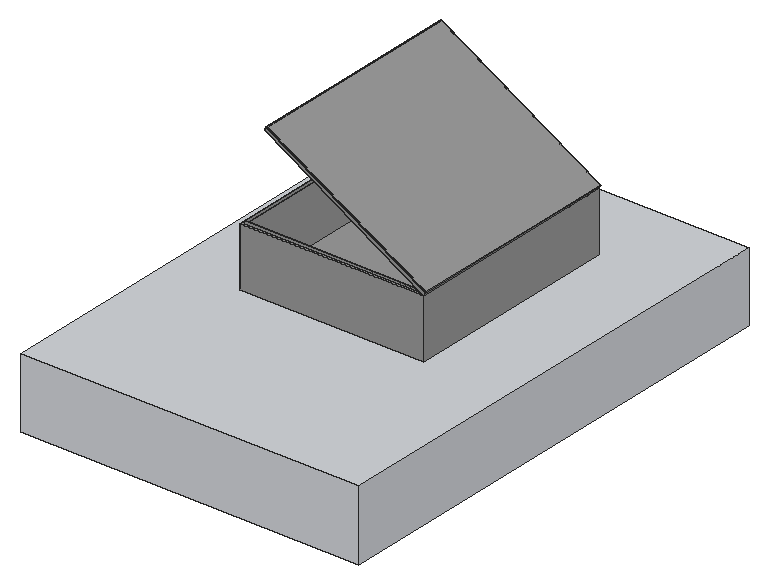
Revit family "Hager-Univers-IP55-D275-H950-Cl.II-Steel_encl-BE-fr", category Equipement électrique, Revit 2020
Family settings
  Hôte = Face
  Configuration du panneau = Deux colonnes, circuits au sein
  Cote de connecteur circulaire = Utiliser le diamètre
  Type d'élément = Tableau de raccordement
  Couper avec des vides une fois chargée = Non
  Partagée = Non
  Point de calcul de pièce = Non
Parameters (values of type "saillie IP55 L800 H950 P275  - FR63S")
  Width Control [instance] = if([EF000008 - largeur] > Min Width, [EF000008 - largeur], Min Width)  # 800 mm
  Commentaires du type = [HG000003 - Gamme]  # "Univers"
  Thickness Door [instance] = if([EF009171 - épaisseur de matériau de la porte/du couvercle] > 3 mm, 3 mm, [EF009171 - épaisseur de matériau de la porte/du couvercle])  # 1.5 mm
  Seal Frame Offset [instance] = 17 mm  # constant formula
  Plinth Visibility [instance] = [HG000027 - Hauteur du socle] > 0 mm  # no
  Model = ""
  Min Width [instance] = 100 mm  # constant formula
  Min Height [instance] = 100 mm  # constant formula
  Min Depth [instance] = (2 * [EF009170 - épaisseur de matériau du boîtier]) + 1 mm  # 4 mm
  Internal Frame Depth [instance] = (Door System Depth * 0.5)  # 9 mm
  Height Control [instance] = if([EF000040 - hauteur] > Min Height, [EF000040 - hauteur], Min Height)  # 950 mm
  HG000027 - Hauteur du socle = 0 mm
  HG000026 - Installation au sol = no
  HG000024 - Hauteur de la section basse = 800 mm
  HG000023 - Armoire double section = no
  HG000016 - Visibilité de la porte 3D [instance] = yes
  HG000015 - Visibilité de l'emprise de la porte [instance] = no
  HG000014 - Porte à droite [instance] = yes
  HG000013 - Porte à gauche [instance] = not([HG000014 - Porte à droite])  # no
  HG000012 - Angle de pivotement de la porte [instance] = 30.00°
  HG000010 - Portes asymétriques = no
  HG000009 - Porte à double battant = no
  HG000006 - Encastré = no
  HG000004 - Référence fabricant = "FR63S"
  HG000003 - Gamme = "Univers"
  HG000002 - avec porte = yes
  Frame Offset Bottom [instance] = 10 mm  # constant formula
  Frame Offset [instance] = 15 mm  # constant formula
  EF015940 - couvercle avec décharge de pression = no
  EF011959 - degré de protection (NEMA) = ""
  EF009554 - nombre d'ouvertures pour plaques à bride = 6
  Fabricant = "Hager"  # constant formula
  EF009212 - finition du couvercle = "EV000116 - fermé"
  EF009171 - épaisseur de matériau de la porte/du couvercle = 1.5 mm
  EF009170 - épaisseur de matériau du boîtier = 1.5 mm
  EF008873 - courant nominal (In) = 800 A
  EF007800 - adapté à un parafoudre = no
  EF006306 - avec serrure = no
  EF006244 - couvercle/porte transparent(e) = no
  EF005474 - indice de protection (IP) = "EV006420 - IP55"
  EF004464 - type de porte = "EV002646 - unique"
  EF004427 - nombre de modules = 216
  EF004293 - indice de protection contre les chocs (IK) = "EV008784 - IK10"
  EF003532 - convient pour utilisation à l’extérieur = no
  EF002950 - largeur en nombre de modules = 24
  EF001613 - maintien de fonction = "EV000494 - sans"
  EF001596 - matériau du boîtier/corps = "EV000179 - acier"
  EF001131 - profondeur intérieure = 275 mm
  EF001088 - possibilité de montage en saillie = yes
  EF000437 - nombre d'entrées de conduit = 6
  EF000339 - type de capot = "EV004216 - porte"
  EF000266 - nombre de rangées = 6
  EF000218 - profondeur d'encastrement = 0 mm
  EF000118 - avec cadre/support de montage = no
  EF000116 - numéro RAL = "7035"
  EF000049 - profondeur = 275 mm
  EF000040 - hauteur = 950 mm
  EF000008 - largeur = 800 mm
  EF000007 - couleur = "EV000270 - gris"
  EF000003 - mode de pose = "EV000384 - saillie"
  Door System Leaf Tolerance [instance] = 1.5 mm  # constant formula
  Door System Depth [instance] = 18 mm  # constant formula
  Door Height [instance] = Height Control - [HG000027 - Hauteur du socle]  # 950 mm
  Depth Control [instance] = if([EF000049 - profondeur] > Min Depth, [EF000049 - profondeur], Min Depth)  # 275 mm
  Default Elevation = 0 mm
  Connector Offset [instance] = Height Control / 2  # 475 mm
  Bottom Top Plate Trim [instance] = 1.5 mm  # constant formula
  Plinth height Ctrl [instance] = if([HG000027 - Hauteur du socle] > 0 mm, [HG000027 - Hauteur du socle], 12 mm)  # 12 mm
Types (5, lengths in mm): name | Width Control | HG000010 - Portes asymétriques | HG000009 - Porte à double battant | HG000004 - Référence fabricant | EF009554 - nombre d'ouvertures pour plaques à bride | EF004464 - type de porte | EF004427 - nombre de modules | EF000437 - nombre d'entrées de conduit | EF000008 - largeur
  saillie IP55 L1050 H950 P275  - FR64S | 1050 | no | yes | "FR64S" | 8 | "EV003602 - double" | 288 | 8 | 1050
  saillie IP55 L1300 H950 P275  - FR65S | 1300 | yes | yes | "FR65S" | 10 | "EV003602 - double" | 360 | 10 | 1300
  saillie IP55 L300 H950 P275  - FR61S | 300 | no | no | "FR61S" | 2 | "EV002646 - unique" | 72 | 2 | 300
  saillie IP55 L550 H950 P275  - FR62S | 550 | no | no | "FR62S" | 4 | "EV002646 - unique" | 144 | 4 | 550
  saillie IP55 L800 H950 P275  - FR63S | 800 | no | no | "FR63S" | 6 | "EV002646 - unique" | 216 | 6 | 800
Reference planes
  plane 1 "Center (Front/Back)": y = 0
  plane 2: z = 0
  plane 3 "Center (Left/Right)": x = 0
  plane 4: z = 275
  plane 5: y = 1.5
  plane 6: y = 475
  plane 7: y = 0
  plane 8: y = 950
  plane 9: z = 0
  plane 10: x = -385
  plane 11: x = 385
  plane 12: x = 383.5
  plane 13: x = -383.5
  plane 14: y = 948.5
  plane 15: x = -383
  plane 16: x = -400
  plane 17: x = 383
  plane 18: x = 400
  plane 19: x = 398.5
  plane 20: x = -398.5
  plane 21: y = 11.5
  plane 22: y = 950
  plane 23: y = 933.5
  plane 24: z = 257
  plane 25: z = 1.5
  plane 26: z = 255.5
  plane 27: z = 273.5
Forms (mm)
  Extrusion 1, solid
    sketch origin (0, 0, 0) x (1, 0, 0) y (0, 1, 0)
      loop
        line (-702.964, 1305) -> (-702.964, -811.445) -> (766.763, -811.445) -> (766.763, 1305) -> (-702.964, 1305)
    from 0 to -304.8
  Extrusion 2, solid, material "Hager_Steel_RAL7035_Light_Grey", visible <- "Plinth Visibility", detail levels medium+fine
    sketch origin (0, 0, 0) x (1, 0, 0) y (0, 1, 0)
      loop
        line (-400, 0) -> (400, 0) -> (400, 12) -> (-400, 12) -> (-400, 0)
    from 0 to 257
  Extrusion 3, solid, material "Hager_Steel_RAL7035_Light_Grey", detail levels medium+fine
    sketch origin (0, 0, 0) x (1, 0, 0) y (0, 1, 0)
      loop
        line (-400, 0) -> (400, 0) -> (400, 950) -> (-400, 950) -> (-400, 0)
    from 0 to 257
  Extrusion 4, void
    sketch origin (0, 0, 0) x (1, 0, 0) y (0, 1, 0)
      loop
        line (-398.5, 1.5) -> (398.5, 1.5) -> (398.5, 948.5) -> (-398.5, 948.5) -> (-398.5, 1.5)
    from 1.5 to 255.5
  Extrusion 5, void
    sketch origin (-381.607, -4572, 257) x (0, -1, 0) y (-1, 0, 0)
      loop
        line (-4583.5, 1.893) -> (-5505.5, 1.893) -> (-5505.5, -765.107) -> (-4583.5, -765.107) -> (-4583.5, 1.893)
    from 0 to 1.5 <- "EF009170 - épaisseur de matériau du boîtier"
  Extrusion 6, solid, material "Hager_Steel_RAL7035_Light_Grey", detail levels fine
    sketch origin (0, 0, 257) x (1, 0, 0) y (0, 1, 0)
      loop
        line (-383.5, 933.5) -> (-383.5, 11.5) -> (383.5, 11.5) -> (383.5, 933.5) -> (-383.5, 933.5)
      loop
        line (-385, 10) -> (385, 10) -> (385, 935) -> (-385, 935) -> (-385, 10)
    from 0 to 9 <- "Internal Frame Depth"
  Extrusion 7, solid, material "Hager_Steel_RAL7035_Light_Grey", detail levels coarse
    sketch origin (0, 0, 0) x (1, 0, 0) y (0, 1, 0)
      loop
        line (-400, 0) -> (400, 0) -> (400, 950) -> (-400, 950) -> (-400, 0)
    from 0 to 275
  Sweep 8, void
    path in 3D
      loop
        line (-400, 12, 0) -> (400, 12, 0) -> (400, 12, 257) -> (-400, 12, 257) -> (-400, 12, 0)
    profile origin (-400, 12, 128.5) x (-1, 0, 0) y (0, -1, 0)
      loop
        line (0, 0) -> (0, 1.5) -> (-1.5, 1.5)
        arc (-1.5, 1.5) -> (-1.061, 0.439) -> (0, 0) r 1.5
Cuts and joins
  Extrusion 4, Extrusion 5 cuts Extrusion 3
  Sweep 8 cuts Extrusion 2
Lines and regions (mm)
  Masking region 1
    outline origin (0, 0, 0) x (1, 0, 0) y (0, 0, 1)
      loop
        line (-400, 275) -> (-400, 0) -> (400, 0) -> (400, 275) -> (-400, 275)
  Masking region 2, detail levels medium+fine
    outline origin (0, 140, 0) x (0, 1, 0) y (0, 0, 1)
      loop
        line (-140, 0) -> (810, 0) -> (810, 257) -> (-140, 257) -> (-140, 0)
  Masking region 3, not visible, detail levels medium+fine
    outline origin (0, 297.922, 0) x (0, 1, 0) y (0, 0, 1)
      loop
        line (188.578, 0) -> (228.578, 0) -> (228.578, 263.5)
        arc (228.578, 263.5) -> (225.649, 270.571) -> (218.578, 273.5) r 10
        line (218.578, 273.5) -> (188.578, 273.5) -> (188.578, 0)
  Masking region 4, detail levels coarse
    outline origin (0, 0, 180) x (0, 1, 0) y (0, 0, 1)
      loop
        line (0, -180) -> (950, -180) -> (950, 95) -> (0, 95) -> (0, -180)
  Masking region 5, visible <- "Plinth Visibility", detail levels medium+fine
    outline origin (0, 52.24, 12.345) x (0, 0, -1) y (0, 1, 0)
      loop
        line (10.845, -40.24) -> (-243.155, -40.24)
        arc (-243.155, -40.24) -> (-243.594, -41.301) -> (-244.655, -41.74) r 1.5
        line (-244.655, -41.74) -> (-244.655, -52.24) -> (12.345, -52.24) -> (12.345, -41.74)
        arc (12.345, -41.74) -> (11.285, -41.301) -> (10.845, -40.24) r 1.5
  Masking region 6, detail levels medium+fine
    outline origin (-381.607, -4572, 257) x (-1, 0, 0) y (0, -1, 0)
      loop
        line (18.393, -5522) -> (18.393, -4572) -> (-781.607, -4572) -> (-781.607, -5522) -> (18.393, -5522)
  Masking region 7, visible <- "Plinth Visibility", detail levels medium+fine
    outline origin (-381.607, -4727, 257) x (-1, 0, 0) y (0, -1, 0)
      loop
        arc (16.893, -4739) -> (17.332, -4737.939) -> (18.393, -4737.5) r 1.5
        line (18.393, -4737.5) -> (18.393, -4727) -> (-781.607, -4727) -> (-781.607, -4737.5)
        arc (-781.607, -4737.5) -> (-780.546, -4737.939) -> (-780.107, -4739) r 1.5
        line (-780.107, -4739) -> (16.893, -4739)
  Masking region 8, detail levels coarse
    outline origin (-442.548, -4669.526, 257) x (-1, 0, 0) y (0, -1, 0)
      loop
        line (-42.548, -5619.526) -> (-42.548, -4669.526) -> (-842.548, -4669.526) -> (-842.548, -5619.526) -> (-42.548, -5619.526)
  sketch lines
    curve 1: line (-400, 12, 257) -> (-400, 12, 0)
    curve 2: line (400, 12, 257) -> (-400, 12, 257)
    curve 3: line (400, 12, 257) -> (400, 12, 0)
    curve 4: line (-400, 12, 0) -> (400, 12, 0)
Dimensions and locks
  "Depth Control": plane 4 to Extrusion 1
  "HG000027 - Hauteur du socle": plane 1 "Center (Front/Back)" to plane 7
  "EF009170 - épaisseur de matériau du boîtier": plane 5 to plane 7
  locked: connector elem to plane 3 "Center (Left/Right)"
  equal spacing: plane 8, plane 6, plane 7
  locked: connector elem to plane 6
  "EF009170 - épaisseur de matériau du boîtier": plane 8 to plane 14
  "EF009170 - épaisseur de matériau du boîtier": plane 10 to plane 13
  "EF009170 - épaisseur de matériau du boîtier": plane 12 to plane 11
  "Frame Offset": plane 20 to plane 13
  "Frame Offset": plane 12 to plane 19
  "EF009170 - épaisseur de matériau du boîtier": plane 16 to plane 20
  "EF009170 - épaisseur de matériau du boîtier": plane 19 to plane 18
  "Seal Frame Offset": plane 16 to plane 15
  "Seal Frame Offset": plane 17 to plane 18
  "Frame Offset Bottom": plane 21 to plane 5
  "Frame Offset": plane 14 to plane 23
  equal spacing: plane 16, plane 3 "Center (Left/Right)", plane 18
  "Width Control": plane 16 to plane 18
  "EF009170 - épaisseur de matériau du boîtier": plane 4 to plane 27
  "EF009170 - épaisseur de matériau du boîtier": plane 24 to plane 26
  "EF009170 - épaisseur de matériau du boîtier": plane 25 to level
  "Door System Depth": plane 4 to plane 24
  "Height Control": plane 1 "Center (Front/Back)" to Extrusion 7 sketch curve
  "Height Control": Masking region 4 sketch curve to plane 1 "Center (Front/Back)"
  "Height Control": plane 1 "Center (Front/Back)" to plane 22
  "Bottom Top Plate Trim": profile plane to Sweep 8 sketch curve
  "Bottom Top Plate Trim": Sweep 8 sketch curve to profile plane
  "Plinth height Ctrl": plane 1 "Center (Front/Back)" to Extrusion 2 sketch curve
  "Plinth height Ctrl": Masking region 5 sketch curve to plane 1 "Center (Front/Back)"
  "Plinth height Ctrl": plane 1 "Center (Front/Back)" to Masking region 7 sketch curve
  "Thickness Door": Extrusion 6 sketch curve to Extrusion 6 sketch curve  (x3)
  "Thickness Door": cut or joined group of Extrusion 3, Extrusion 4, Extrusion 5 to Extrusion 6 sketch curve
  radius of Masking region 3 sketch curve = 10 mm
  "Bottom Top Plate Trim": radius of Masking region 5 sketch curve  (x2)
  "Bottom Top Plate Trim": radius of Sweep 8 sketch curve
  "Bottom Top Plate Trim": radius of Masking region 7 sketch curve  (x2)
  aligned and locked: plane 2 to Extrusion 1
  aligned and locked: level to Extrusion 1
  aligned and locked: level to Masking region 1 sketch curve
  aligned and locked: Masking region 1 sketch curve to plane 18
  aligned and locked: Masking region 1 sketch curve to plane 16
  aligned and locked: plane 7 to Masking region 2 sketch curve
  aligned and locked: level to Masking region 3 sketch curve
  aligned and locked: Masking region 3 sketch curve to plane 27
  aligned and locked: level to Masking region 2 sketch curve
  aligned and locked: plane 1 "Center (Front/Back)" to Extrusion 2 sketch curve
  aligned and locked: Extrusion 3 sketch curve to plane 7
  aligned and locked: plane 16 to Extrusion 3 sketch curve
  aligned and locked: plane 18 to Extrusion 3 sketch curve
  aligned and locked: plane 20 to Extrusion 4 sketch curve
  aligned and locked: plane 19 to Extrusion 4 sketch curve
  aligned and locked: Extrusion 4 sketch curve to plane 5
  aligned and locked: Extrusion 4 to plane 25
  aligned and locked: plane 26 to Extrusion 4
  aligned and locked: plane 24 to Extrusion 3
  aligned and locked: Extrusion 5 sketch curve to plane 21
  aligned and locked: Extrusion 5 sketch curve to plane 13
  aligned and locked: Extrusion 5 sketch curve to plane 12
  aligned and locked: plane 18 to Extrusion 7 sketch curve
  aligned and locked: plane 1 "Center (Front/Back)" to Extrusion 7 sketch curve
  aligned and locked: plane 16 to Extrusion 7 sketch curve
  aligned and locked: plane 4 to Extrusion 7
  aligned and locked: Extrusion 7 to level
  aligned and locked: level to Masking region 4 sketch curve
  aligned and locked: Masking region 4 sketch curve to plane 1 "Center (Front/Back)"
  aligned and locked: Masking region 4 sketch curve to plane 4
  aligned and locked: nested 1 to level
  aligned and locked: nested 1 to plane 16
  aligned and locked: plane 8 to Extrusion 3 sketch curve
  aligned and locked: plane 23 to Extrusion 5 sketch curve
  aligned and locked: plane 14 to Extrusion 4 sketch curve
  aligned and locked: Masking region 2 sketch curve to plane 8
  aligned and locked: level to Masking region 5 sketch curve
  aligned and locked: plane 16 to Extrusion 2 sketch curve
  aligned and locked: plane 18 to Extrusion 2 sketch curve
  aligned and locked: Masking region 5 sketch curve to plane 24
  aligned and locked: Masking region 2 sketch curve to plane 24
  aligned and locked: plane 24 to Extrusion 2
  aligned and locked: profile plane to Sweep 8 sketch curve  (x2)
  aligned and locked: Masking region 6 sketch curve to plane 18
  aligned and locked: Masking region 6 sketch curve to plane 22
  aligned and locked: Masking region 6 sketch curve to plane 16
  aligned and locked: plane 8 to plane 22
  aligned and locked: Masking region 6 sketch curve to plane 7
  aligned and locked: Masking region 7 sketch curve to plane 16
  aligned and locked: Masking region 7 sketch curve to plane 1 "Center (Front/Back)"
  aligned and locked: Masking region 7 sketch curve to plane 18
  aligned and locked: Masking region 8 sketch curve to plane 1 "Center (Front/Back)"
  aligned and locked: Masking region 8 sketch curve to plane 18
  aligned and locked: Masking region 8 sketch curve to plane 22
  aligned and locked: Masking region 8 sketch curve to plane 16
  aligned and locked: nested 2 to plane 7
  aligned and locked: plane 3 "Center (Left/Right)" to nested 2
  aligned and locked: nested 2 to plane 24
  aligned and locked: Extrusion 6 sketch curve to cut or joined group of Extrusion 3, Extrusion 4, Extrusion 5  (x4)
Automatic sketch dimensions
  Extrusion 1 sketch curve to Extrusion 1 sketch curve = 1469.727 mm
  Extrusion 1 sketch curve to Extrusion 1 sketch curve = 2116.445 mm
  Masking region 1 sketch curve to plane 4 = 0 mm
  plane 6 to Masking region 3 sketch curve = 11.5 mm
  Masking region 3 sketch curve to Masking region 3 sketch curve = 30 mm
  Masking region 5 sketch curve to plane 1 "Center (Front/Back)" = 0 mm
Nested families
  nested 1: "Hager_Enclosure_Symbol" at (-400, 0, 0) x (1, 0, 0) z (0, -1, 0), Height <- "Depth Control", Width <- "Width Control", type "Hager_Enclosure_Symbol"
    with Width_Ctrl 800 mm, Width 800 mm, Height_Ctrl 275 mm, Height 275 mm, A_Width_Int 18.047 mm, A_Width 216.562 mm, A_Height_Ctrl 240.625 mm, A_Height 240.625 mm
  nested 2: "EC000058_Univers_Door" at (0, 0, 257) x (1, 0, 0) z (0, 1, 0), Leaf_Tolerance <- "Door System Leaf Tolerance", Angle <- "HG000012 - Angle de pivotement de la porte", Door_Depth <- "Door System Depth", Door_Left <- "HG000013 - Porte à gauche", Transparent <- "EF006244 - couvercle/porte transparent(e)", Assymetrical <- "HG000010 - Portes asymétriques", Width <- "Width Control", Clearance <- "HG000015 - Visibilité de l'emprise de la porte", Double <- "HG000009 - Porte à double battant", 3d_Door <- "HG000016 - Visibilité de la porte 3D", Lock_Visibility <- "EF006306 - avec serrure", Width_Ctrl <- "Width Control", Door_Right <- "HG000014 - Porte à droite", Door <- "HG000002 - avec porte", Height <- "Door Height", Thickness <- "Thickness Door", type "EC000058_Univers_Door", detail levels medium+fine
    with min_wh 4 mm, Width_Ctrl 800 mm, Width 800 mm, Transparent no, Thickness 1.5 mm, Seal_Material Hager_Rubber, Lock_Visibility no, Lock_Material Hager_Plastic_RAL9005_Jet_Black, Leaf_Width 800 mm, Leaf_Tolerance_External_Sides 0 mm, Leaf_Tolerance 1.5 mm, Leaf_Offset 0 mm, Leaf_Height 947 mm, Leaf_2_Width 800 mm, Leaf_2_Offset 400 mm, Leaf_1_Width 800 mm, Leaf_1_Offset 400 mm, Height_Ctrl 950 mm, Height 950 mm, Glass_Material Hager_Glass, Double_Clearance_Ctrl no, Double no, Door_Right_Ctrl yes, Door_Right yes, Door_Material Hager_Steel_RAL7035_Light_Grey, Door_Left_Ctrl no, Door_Left no, Door_Depth 18 mm, Door yes, Clearance_Material Hager_Clearance, Clearance_Depth 800 mm, Clearance_Ctrl no, Clearance no, Assymetrical no, Angle 30.00°, 3d_Door yes
Connectors
  electrical at (0, 475, 0)
    settings: on plane 9, index 1, voltage 0 V, apparent load 0 VA, apparent load phase1 0 VA, apparent load phase2 0 VA, apparent load phase3 0 VA, power factor 1, load classification "Other", number of poles 1, system type 30, power factor state 1, is connector primary yes, connector utility no, sub classification motor no, connector description ""
Definition of nested family "EC000058_Univers_Door"
  Parameters (values of type "EC000058_Univers_Door")
    min_wh [instance] = (2 * Thickness) + 1 mm  # 11 mm
    Width_Ctrl [instance] = 400 mm
    Width [instance] = 500 mm
    Transparent [instance] = yes
    Thickness [instance] = 5 mm
    Seal_Material [instance] = none
    Lock_Visibility [instance] = yes
    Lock_Material [instance] = none
    Leaf_Width [instance] = if((Width_Ctrl - 2 * Leaf_Tolerance_External_Sides) > 0 mm, (Width_Ctrl - 2 * Leaf_Tolerance_External_Sides), min_wh)  # 400 mm
    Leaf_Tolerance_External_Sides [instance] = 0 mm  # constant formula
    Leaf_Tolerance [instance] = 1.5 mm
    Leaf_Offset [instance] = 0 mm  # constant formula
    Leaf_Height [instance] = if((Height_Ctrl - 2 * Leaf_Tolerance) > 0 mm, (Height_Ctrl - 2 * Leaf_Tolerance), min_wh)  # 497 mm
    Leaf_2_Width [instance] = if(and(and(Double, Assymetrical), Door_Left), (Leaf_Width / 3) - (Leaf_Tolerance / 2), if(and(and(Double, Assymetrical), Door_Right), (Leaf_Width / 3) * 2 - (Leaf_Tolerance / 2), if(and(Double, not(Assymetrical)), (Leaf_Width / 2) - Leaf_Tolerance, Leaf_Width)))  # 400 mm
    Leaf_2_Offset [instance] = if(and(Double, Assymetrical), Leaf_2_Width / 2, if(and(Double, not(Assymetrical)), Leaf_Width / 4, Leaf_Width / 2))  # 200 mm
    Leaf_1_Width [instance] = if(and(and(Double, Assymetrical), Door_Right), (Leaf_Width / 3) - (Leaf_Tolerance / 2), if(and(and(Double, Assymetrical), Door_Left), (Width / 3) * 2 - (Leaf_Tolerance / 2), if(and(Double, not(Assymetrical)), (Leaf_Width / 2) - Leaf_Tolerance, Leaf_Width)))  # 400 mm
    Leaf_1_Offset [instance] = if(and(Double, Assymetrical), Leaf_1_Width / 2, if(and(Double, not(Assymetrical)), Leaf_Width / 4, Leaf_Width / 2))  # 200 mm
    Height_Ctrl [instance] = if(Height > min_wh, Height, min_wh)  # 500 mm
    Height [instance] = 500 mm
    Glass_Material [instance] = none
    Double_Clearance_Ctrl [instance] = and(Double, Clearance)  # no
    Double [instance] = no
    Door_Right_Ctrl [instance] = and(or(Door_Right, Double), Door)  # yes
    Door_Right [instance] = yes
    Door_Material [instance] = none
    Door_Left_Ctrl [instance] = and(or(Door_Left, Double), Door)  # no
    Door_Left [instance] = no
    Door_Depth [instance] = 30 mm
    Door [instance] = yes
    Default Elevation = 1219.2 mm
    Clearance_Material [instance] = none
    Clearance_Depth [instance] = if(Leaf_1_Width > Leaf_2_Width, Leaf_1_Width, Leaf_2_Width)  # 400 mm
    Clearance_Ctrl [instance] = and(not(Double), Clearance)  # yes
    Clearance [instance] = yes
    Assymetrical [instance] = yes
    Angle [instance] = 30.00°
    3d_Door [instance] = yes
  Reference planes
    plane 1 "Center (Front/Back)": y = 0
    plane 2 "Bottom": z = 0
    plane 3 "Center (Left/Right)": x = 0
    plane 4: z = 500
    plane 5: x = -200
    plane 6: x = 200
    plane 7: z = 500
    plane 8: x = -200
    plane 9: z = 0
    plane 10: x = 200
    plane 11: y = 0
    plane 12: z = 1.5
    plane 13: x = -600
    plane 14: y = -400
    plane 15: x = 600
    plane 16: x = 0
    plane 17: x = 0
    plane 18: x = -200
    plane 19: x = 200
    plane 20: z = 498.5
  Forms (mm)
    Extrusion 1, solid, material <- "Clearance_Material", visible <- "Double_Clearance_Ctrl"
      sketch origin (1200, 0, 0) x (1, 0, 0) y (0, 0, -1)
        loop
          line (-1800, -498.5) -> (-600, -498.5) -> (-600, 0) -> (-1800, 0) -> (-1800, -498.5)
      from 0 to -400
  Dimensions and locks
    equal spacing: plane 5, plane 3 "Center (Left/Right)", plane 6
    "Width_Ctrl": plane 5 to plane 6
    "Leaf_Offset": plane 5 to plane 8
    "Leaf_Offset": plane 6 to plane 10
    "Leaf_Offset": plane 9 to level
    "Leaf_Offset": plane 4 to plane 7
    "Height_Ctrl": plane 4 to level
    "Leaf_Tolerance": plane 12 to plane 9
    locked: plane 11 to plane 1 "Center (Front/Back)"
    "Leaf_1_Offset": plane 18 to plane 16
    "Leaf_2_Offset": plane 17 to plane 19
    "Leaf_1_Width": plane 13 to plane 8
    "Leaf_2_Width": plane 10 to plane 15
    "Clearance_Depth": plane 14 to plane 1 "Center (Front/Back)"
    "Leaf_Tolerance_External_Sides": plane 8 to plane 18
    "Leaf_Tolerance_External_Sides": plane 19 to plane 10
    "Leaf_Tolerance": plane 7 to plane 20
    aligned and locked: level to plane 2 "Bottom"
    aligned and locked: nested 1 to plane 16
    aligned and locked: nested 2 to plane 17
    aligned and locked: Extrusion 1 to plane 13
    aligned and locked: plane 15 to Extrusion 1
    aligned and locked: Extrusion 1 to plane 14
    aligned and locked: plane 12 to nested 1
    aligned and locked: nested 2 to plane 12
    aligned and locked: Extrusion 1 to plane 11
    aligned and locked: plane 20 to Extrusion 1
    aligned and locked: nested 2 to plane 11
    aligned and locked: nested 1 to plane 11
  Automatic sketch dimensions
    Extrusion 1 sketch curve to level = 0 mm
    plane 5 to Extrusion 1 sketch curve = 400 mm
    plane 6 to Extrusion 1 sketch curve = 400 mm
    Extrusion 1 sketch curve to plane 4 = 1.5 mm
  Nested families
    nested 1: "EC000058_Univers_Door_Leaf" at (0, 0, 1.5), Width <- "Leaf_1_Width", visible <- "Door_Left_Ctrl", Leaf_Height <- "Leaf_Height", Angle <- "Angle", 3d_Door <- "3d_Door", Transparent <- "Transparent", Clearance Material <- "Clearance_Material", Clearance <- "Clearance_Ctrl", Door_Material <- "Door_Material", Glass_Material <- "Glass_Material", Door_Depth <- "Door_Depth", Lock_Material <- "Lock_Material", Seal_Material <- "Seal_Material", Lock_Visibility <- "Lock_Visibility", Thickness <- "Thickness", type "EC000058_Univers_Door_Leaf"
      with Width 400 mm, Transparent_Glass_Offset 30 mm, Transparent_Ctrl yes, Transparent yes, Thickness 5 mm, Standard no, Seal_Material none, Seal_D2 8 mm, Seal_D1 1 mm, Offset_Internal_Frame 10 mm, Lock_Width 20 mm, Lock_Visibility_3d yes, Lock_Visibility yes, Lock_Thickness_3 3 mm, Lock_Thickness_2 1 mm, Lock_Thickness_1 3 mm, Lock_Radius_Offset_2 16 mm, Lock_Radius_Offset_1 15 mm, Lock_Radius_2 5 mm, Lock_Radius 6 mm, Lock_Offset 5 mm, Lock_Material none, Lock_Height 80 mm, Lock_Cover_Top_Offset_2d 17 mm, Lock_Cover_Height -65 mm, Leaf_Height 497 mm, Internal_Seal_Thickness 8 mm, Internal_Seal_Depth_2 4.5 mm, Internal_Frame_Depth 25 mm, Glass_Thickness -1 mm, Glass_Offset -2 mm, Glass_Material none, Door_Material none, Door_Depth 30 mm, Clearance Material none, Clearance yes, Angle_Ctrl 30.00°, Angle 30.00°, 3d_Door yes
    nested 2: "EC000058_Univers_Door_Leaf" at (0, 0, 1.5) x (-1, 0, 0) z (0, 0, 1), Width <- "Leaf_2_Width", visible <- "Door_Right_Ctrl", Leaf_Height <- "Leaf_Height", Angle <- "Angle", 3d_Door <- "3d_Door", Transparent <- "Transparent", Clearance Material <- "Clearance_Material", Clearance <- "Clearance_Ctrl", Door_Material <- "Door_Material", Glass_Material <- "Glass_Material", Door_Depth <- "Door_Depth", Lock_Material <- "Lock_Material", Seal_Material <- "Seal_Material", Lock_Visibility <- "Lock_Visibility", Thickness <- "Thickness", type "EC000058_Univers_Door_Leaf"
      with Width 400 mm, Transparent_Glass_Offset 30 mm, Transparent_Ctrl yes, Transparent yes, Thickness 5 mm, Standard no, Seal_Material none, Seal_D2 8 mm, Seal_D1 1 mm, Offset_Internal_Frame 10 mm, Lock_Width 20 mm, Lock_Visibility_3d yes, Lock_Visibility yes, Lock_Thickness_3 3 mm, Lock_Thickness_2 1 mm, Lock_Thickness_1 3 mm, Lock_Radius_Offset_2 16 mm, Lock_Radius_Offset_1 15 mm, Lock_Radius_2 5 mm, Lock_Radius 6 mm, Lock_Offset 5 mm, Lock_Material none, Lock_Height 80 mm, Lock_Cover_Top_Offset_2d 17 mm, Lock_Cover_Height -65 mm, Leaf_Height 497 mm, Internal_Seal_Thickness 8 mm, Internal_Seal_Depth_2 4.5 mm, Internal_Frame_Depth 25 mm, Glass_Thickness -1 mm, Glass_Offset -2 mm, Glass_Material none, Door_Material none, Door_Depth 30 mm, Clearance Material none, Clearance yes, Angle_Ctrl 30.00°, Angle 30.00°, 3d_Door yes
  Definition of nested family "EC000058_Univers_Door_Leaf"
    Parameters (values of type "EC000058_Univers_Door_Leaf")
      Width [instance] = 2000 mm
      Transparent_Glass_Offset [instance] = 30 mm
      Transparent_Ctrl [instance] = and(Transparent, [3d_Door])  # yes
      Transparent [instance] = yes
      Thickness [instance] = 5 mm
      Standard [instance] = and(not(Transparent), [3d_Door])  # no
      Seal_Material [instance] = none
      Seal_D2 [instance] = 8 mm  # constant formula
      Seal_D1 [instance] = 1 mm  # constant formula
      Offset_Internal_Frame [instance] = 10 mm  # constant formula
      Lock_Width [instance] = 20 mm  # constant formula
      Lock_Visibility_3d [instance] = and(Lock_Visibility, [3d_Door])  # yes
      Lock_Visibility [instance] = yes
      Lock_Thickness_3 [instance] = 3 mm  # constant formula
      Lock_Thickness_2 [instance] = 1 mm  # constant formula
      Lock_Thickness_1 [instance] = 3 mm  # constant formula
      Lock_Radius_Offset_2 [instance] = Lock_Radius_Offset_1 + 1 mm  # 16 mm
      Lock_Radius_Offset_1 [instance] = 15 mm  # constant formula
      Lock_Radius_2 [instance] = Lock_Radius - 1 mm  # 5 mm
      Lock_Radius [instance] = 6 mm  # constant formula
      Lock_Offset [instance] = 5 mm  # constant formula
      Lock_Material [instance] = none
      Lock_Height [instance] = 80 mm  # constant formula
      Lock_Cover_Top_Offset_2d [instance] = Lock_Radius_Offset_2 + 1 mm  # 17 mm
      Lock_Cover_Height [instance] = -(Lock_Height - Lock_Radius_Offset_1)  # -65 mm
      Leaf_Height [instance] = 2720.336 mm
      Internal_Seal_Thickness [instance] = 8 mm  # constant formula
      Internal_Seal_Depth_2 [instance] = 4.5 mm  # constant formula
      Internal_Frame_Depth [instance] = if(Door_Depth - Thickness > 5 mm, Door_Depth - Thickness, 5 mm)  # 25 mm
      Glass_Thickness [instance] = if(Thickness > 15 mm, Glass_Offset + 10 mm, -1 mm)  # -1 mm
      Glass_Offset [instance] = if(Thickness > 15 mm, -(Thickness + 10 mm) / 2, -2 mm)  # -2 mm
      Glass_Material [instance] = none
      Door_Material [instance] = none
      Door_Depth [instance] = 30 mm
      Default Elevation = 0 mm
      Clearance Material [instance] = none
      Clearance [instance] = yes
      Angle_Ctrl [instance] = if(Angle > 180.00°, 180.00°, Angle)  # 90.00°
      Angle [instance] = 90.00°
      3d_Door [instance] = yes
    Reference planes
      plane 1 "Center (Front/Back)": y = 0
      plane 2: z = 0
      plane 3 "Center (Left/Right)": x = 0
      plane 4: y = 2000
      plane 5: x = -1000
      plane 6: x = 1000
      plane 7: x = -3000
      plane 8: z = 2720.336
      plane 9: z = 30
      plane 10: z = 2690.336
      plane 11: x = 970
      plane 12: x = -970
      plane 13: y = -3
      plane 14: z = 107.833
      plane 15: y = -5
      plane 16: y = -223.314
      plane 17: x = -1000
      plane 18: z = 1360.168
      plane 19: y = 30
    Forms (mm)
      Extrusion 1, solid, material <- "Clearance Material", visible <- "Clearance"
        sketch origin (0, 0, 0) x (1, 0, 0) y (0, 0, 1)
          loop
            line (-3000, 2720.336) -> (-3000, 0) -> (1000, 0) -> (1000, 2720.336) -> (-3000, 2720.336)
        from 0 to -2000
      Extrusion 2, solid, material <- "Door_Material", visible <- "Standard", detail levels medium+fine
        sketch origin (-1000, 0, 0) x (0, 1, 0) y (-1, 0, 0)
          loop
            line (0, 30) -> (0, 25) -> (2000, 25) -> (2000, 30) -> (0, 30)
        from 0 to 2720.336 <- "Leaf_Height"
      Extrusion 3, solid, material <- "Door_Material", visible <- "Transparent_Ctrl", detail levels medium+fine
        sketch origin (-1000, 0, 0) x (0, 1, 0) y (-1, 0, 0)
          loop
            line (0, 25) -> (2000, 25) -> (2000, 30) -> (0, 30) -> (0, 25)
        from 0 to 2720.336 <- "Leaf_Height"
      Extrusion 4, void
        sketch origin (-1025, 2000, 0) x (0, 1, 0) y (0, 0, -1)
          loop
            line (-30, -2690.336) -> (-30, -30) -> (-1970, -30) -> (-1970, -2690.336) -> (-30, -2690.336)
        from 0 to 5 <- "Thickness"
      Sweep 5, solid, material <- "Seal_Material", visible <- "Transparent_Ctrl", detail levels fine
        path in 3D
          loop
            line (-1025, 30, 30) -> (-1025, 30, 2690.336) -> (-1025, 1970, 2690.336) -> (-1025, 1970, 30) -> (-1025, 30, 30)
        profile origin (-1025, 1000, 30) x (1, 0, 0) y (0, 0, 1)
          loop
            line (0, 0) -> (0, -8) -> (1, -8) -> (1, 0) -> (0, 0)
      Extrusion 6, solid, material <- "Glass_Material", visible <- "Transparent_Ctrl", detail levels medium+fine
        sketch origin (-1030, 0, 0) x (0, 1, 0) y (0, 0, -1)
          loop
            line (1970, -2690.336) -> (1970, -30) -> (30, -30) -> (30, -2690.336) -> (1970, -2690.336)
        from -2 <- "Glass_Offset" to -1 <- "Glass_Thickness"
      Extrusion 7, solid, material <- "Door_Material", visible <- "3d_Door", detail levels medium+fine
        sketch origin (-1025, 2000, 0) x (0, -1, 0) y (0, 0, -1)
          loop
            line (0, -2720.336) -> (2000, -2720.336) -> (2000, 0) -> (0, 0) -> (0, -2720.336)
          loop
            line (1995, -5) -> (5, -5) -> (5, -2715.336) -> (1995, -2715.336) -> (1995, -5)
        from 0 to 25 <- "Internal_Frame_Depth"
      Sweep 8, solid, material <- "Seal_Material", visible <- "Transparent_Ctrl", detail levels fine
        path in 3D
          loop
            line (-1025, 0, 0) -> (-1025, 2000, 0) -> (-1025, 2000, 2720.336) -> (-1025, 0, 2720.336) -> (-1025, 0, 0)
        profile origin (-1025, 0, 1360.168) x (1, 0, 0) y (0, 1, 0)
          loop
            line (0, 10) -> (2.975, 10)
            arc (2.975, 10) -> (4.053, 10.447) -> (4.5, 11.525) r 1.525
            line (4.5, 11.525) -> (4.5, 16.527)
            arc (4.5, 16.527) -> (4.069, 17.569) -> (3.027, 18) r 1.473
            line (3.027, 18) -> (0, 18) -> (0, 10)
      Extrusion 9, solid, material <- "Lock_Material", visible <- "Lock_Visibility_3d", detail levels fine
        sketch origin (-1030, 0, 0) x (0, 1, 0) y (0, 0, -1)
          loop
            arc (1993.5, -1400.168) -> (1994.561, -1399.729) -> (1995, -1398.668) r 1.5
            line (1995, -1398.668) -> (1995, -1320.168) -> (1975, -1320.168) -> (1975, -1398.668)
            arc (1975, -1398.668) -> (1975.439, -1399.729) -> (1976.5, -1400.168) r 1.5
            line (1976.5, -1400.168) -> (1993.5, -1400.168)
        from 3 <- "Lock_Thickness_1" to 0
      Blend 10, solid, material <- "Lock_Material", visible <- "Lock_Visibility_3d", detail levels fine
        base sketch origin (-1033, 0, 0) x (0, 1, 0) y (0, 0, -1)
          loop
            line (1975, -1320.168) -> (1975, -1398.668)
            arc (1975, -1398.668) -> (1975.439, -1399.729) -> (1976.5, -1400.168) r 1.5
            line (1976.5, -1400.168) -> (1993.5, -1400.168)
            arc (1993.5, -1400.168) -> (1994.561, -1399.729) -> (1995, -1398.668) r 1.5
            line (1995, -1398.668) -> (1995, -1320.168) -> (1975, -1320.168)
        top sketch origin (-1033, 0, 0) x (0, 1, 0) y (0, 0, -1)
          loop
            line (1976, -1320.168) -> (1976, -1398.668)
            arc (1976, -1398.668) -> (1976.146, -1399.022) -> (1976.5, -1399.168) r 0.5
            line (1976.5, -1399.168) -> (1993.5, -1399.168)
            arc (1993.5, -1399.168) -> (1993.854, -1399.022) -> (1994, -1398.668) r 0.5
            line (1994, -1398.668) -> (1994, -1320.168) -> (1976, -1320.168)
        from 0 to 1 <- "Lock_Thickness_2"
      Blend 11, solid, material <- "Lock_Material", visible <- "Lock_Visibility_3d", detail levels fine
        base sketch origin (-1034, 0, 0) x (0, 1, 0) y (0, 0, -1)
          loop
            line (1978, -1320.168) -> (1978, -1384.168)
            arc (1978, -1384.168) -> (1985, -1391.168) -> (1992, -1384.168) r 7
            line (1992, -1384.168) -> (1992, -1320.168) -> (1978, -1320.168)
        top sketch origin (-1034, 0, 0) x (0, 1, 0) y (0, 0, -1)
          loop
            line (1991, -1320.168) -> (1979, -1320.168) -> (1979, -1383.168)
            arc (1979, -1383.168) -> (1985, -1389.168) -> (1991, -1383.168) r 6
            line (1991, -1383.168) -> (1991, -1320.168)
        from 0 to 3 <- "Lock_Thickness_3"
      Extrusion 12, solid, material <- "Lock_Material", visible <- "Lock_Visibility_3d", detail levels fine
        sketch origin (-1030, 1975, 1320.168) x (1, 0, 0) y (0, -1, 0)
          loop
            line (-7, -19) -> (-7, -1) -> (0, -1) -> (0, 0) -> (-8, 0) -> (-8, -20) -> (0, -20) -> (0, -19) -> (-7, -19)
        from 0 to -65 <- "Lock_Cover_Height"
      Extrusion 13, void
        sketch origin (-1038, 1995, 1320.168) x (-1, 0, 0) y (0, 0, -1)
          loop
            line (-5, -65) -> (0, -65) -> (-5, -60) -> (-5, -65)
        from 0 to 20 <- "Lock_Width"
      Extrusion 14, void
        sketch origin (-1038, 1975, 1320.168) x (0, -1, 0) y (0, 0, -1)
          loop
            circle (-10, -15.995) r 6
          loop
            circle (-10, -15.995) r 5
        from 0 to 2
      Extrusion 15, solid, material <- "Lock_Material", visible <- "Lock_Visibility_3d", detail levels medium
        sketch origin (-1030, 0, 0) x (0, 1, 0) y (0, 0, -1)
          loop
            arc (1993.5, -1400.168) -> (1994.561, -1399.729) -> (1995, -1398.668) r 1.5
            line (1995, -1398.668) -> (1995, -1320.168) -> (1975, -1320.168) -> (1975, -1398.668)
            arc (1975, -1398.668) -> (1975.439, -1399.729) -> (1976.5, -1400.168) r 1.5
            line (1976.5, -1400.168) -> (1993.5, -1400.168)
        from 8 to 0
    Cuts and joins
      Extrusion 4 cuts Extrusion 3
      Extrusion 13, Extrusion 14 cuts Extrusion 9
      Extrusion 14 cuts Blend 11
      Extrusion 13, Extrusion 14 cuts Extrusion 12
      joined: Extrusion 9, Blend 10, Blend 11, Extrusion 12
      Extrusion 14 cuts Extrusion 15
    Lines and regions (mm)
      Masking region 1, visible <- "Lock_Visibility", detail levels fine
        outline origin (0, 0, 0) x (0, 1, 0) y (0, 0, 1)
          loop
            line (30, 1320.168) -> (33, 1320.168) -> (33, 1400.168) -> (30, 1400.168) -> (30, 1320.168)
      Masking region 2, visible <- "Lock_Visibility", detail levels fine
        outline origin (0, 3.143, 0) x (0, 1, 0) y (0, 0, 1)
          loop
            line (29.857, 1354.168) -> (30.857, 1354.168) -> (30.857, 1366.168) -> (29.857, 1366.168) -> (29.857, 1354.168)
      Masking region 3, detail levels medium+fine
        outline origin (0, 0, 0) x (0, 1, 0) y (0, 0, 1)
          loop
            line (0, 0) -> (30, 0) -> (30, 2720.336) -> (0, 2720.336) -> (0, 0)
      Masking region 4, detail levels medium+fine
        outline origin (0, 0, 0) x (1, 0, 0) y (0, 0, 1)
          loop
            line (-1000, 2720.336) -> (-1000, 0) -> (1000, 0) -> (1000, 2720.336) -> (-1000, 2720.336)
      Masking region 5, visible <- "Lock_Visibility", detail levels fine
        outline origin (-47.116, 0, 0) x (1, 0, 0) y (0, 0, 1)
          loop
            arc (1024.616, 1399.168) -> (1023.556, 1398.729) -> (1023.116, 1397.668) r 1.5
            line (1023.116, 1397.668) -> (1023.116, 1320.168) -> (1041.116, 1320.168) -> (1041.116, 1397.668)
            arc (1041.116, 1397.668) -> (1040.677, 1398.729) -> (1039.616, 1399.168) r 1.5
            line (1039.616, 1399.168) -> (1024.616, 1399.168)
      Masking region 6, visible <- "Lock_Visibility", detail levels medium+fine
        outline origin (-25, 0, 0) x (1, 0, 0) y (0, 0, 1)
          loop
            arc (1001.5, 1400.168) -> (1000.439, 1399.729) -> (1000, 1398.668) r 1.5
            line (1000, 1398.668) -> (1000, 1320.168) -> (1020, 1320.168) -> (1020, 1398.668)
            arc (1020, 1398.668) -> (1019.561, 1399.729) -> (1018.5, 1400.168) r 1.5
            line (1018.5, 1400.168) -> (1001.5, 1400.168)
      Masking region 7, visible <- "Lock_Visibility", detail levels fine
        outline origin (-73.735, 0, 0) x (1, 0, 0) y (0, 0, 1)
          loop
            line (1051.735, 1382.168) -> (1065.735, 1382.168) -> (1065.735, 1384.168)
            arc (1065.735, 1384.168) -> (1058.735, 1391.168) -> (1051.735, 1384.168) r 7
            line (1051.735, 1384.168) -> (1051.735, 1382.168)
      Masking region 8, visible <- "Lock_Visibility", detail levels fine
        outline origin (-73.735, 0, 0) x (1, 0, 0) y (0, 0, 1)
          loop
            line (1052.735, 1382.168) -> (1064.735, 1382.168) -> (1064.735, 1383.168)
            arc (1064.735, 1383.168) -> (1058.735, 1389.168) -> (1052.735, 1383.168) r 6
            line (1052.735, 1383.168) -> (1052.735, 1382.168)
      Masking region 9, visible <- "Lock_Visibility", detail levels fine
        outline origin (-25, 0, 0) x (1, 0, 0) y (0, 0, 1)
          loop
            line (1020, 1320.168) -> (1020, 1382.168) -> (1000, 1382.168) -> (1000, 1320.168) -> (1020, 1320.168)
      Masking region 10, detail levels medium+fine
        outline origin (0, 0, 0) x (1, 0, 0) y (0, 0, 1)
          loop
            circle (985, 1335.144) r 6
      Masking region 11, detail levels fine
        outline origin (0, 0, 0) x (1, 0, 0) y (0, 0, 1)
          loop
            circle (985, 1335.144) r 5
      Masking region 12, visible <- "Lock_Visibility", detail levels fine
        outline origin (0, 12.767, 0) x (0, 1, 0) y (0, 0, 1)
          loop
            line (20.233, 1320.168) -> (21.233, 1320.168) -> (21.233, 1399.168) -> (20.233, 1400.168) -> (20.233, 1320.168)
      Masking region 13, visible <- "Lock_Visibility", detail levels fine
        outline origin (0, 13.767, -10) x (0, 1, 0) y (0, 0, 1)
          loop
            line (20.233, 1330.168) -> (23.233, 1330.168) -> (23.233, 1399.168) -> (20.233, 1402.168) -> (20.233, 1330.168)
      Masking region 14, visible <- "Lock_Visibility", detail levels fine
        outline origin (0, 12.767, -10) x (0, 1, 0) y (0, 0, 1)
          loop
            line (20.233, 1330.168) -> (25.233, 1330.168) -> (25.233, 1399.305) -> (20.233, 1394.305) -> (20.233, 1330.168)
      Masking region 15, visible <- "Lock_Visibility", detail levels medium
        outline origin (0, 0, 0) x (0, 1, 0) y (0, 0, 1)
          loop
            line (30, 1320.168) -> (38, 1320.168) -> (38, 1400.168) -> (30, 1400.168) -> (30, 1320.168)
      Masking region 16, visible <- "Lock_Visibility", detail levels fine
        outline origin (-1000, 0, 0) x (0, 1, 0) y (-1, 0, 0)
          loop
            line (1975, 30) -> (1995, 30) -> (1995, 38) -> (1975, 38) -> (1975, 30)
          loop
            line (1979, 37) -> (1976, 37) -> (1976, 34) -> (1978, 34) -> (1979, 37)
          loop
            line (1994, 37) -> (1991, 37) -> (1992, 34) -> (1994, 34) -> (1994, 37)
      Masking region 17, visible <- "Lock_Visibility", detail levels medium
        outline origin (-1000, 0, 0) x (0, 1, 0) y (-1, 0, 0)
          loop
            line (1975, 30) -> (1995, 30) -> (1995, 38) -> (1975, 38) -> (1975, 30)
      symbolic lines
        curve 1: line (1000, 0, 0) -> (-3000, 0, 0)
        curve 2: arc (1000, 0, 0) -> (-1000, 2000, 0) -> (-3000, 0, 0) r 2000
        curve 4: line (-1030, 0, 0) -> (-1030, 2000, 0)
      reference lines
        curve 3: line (-1000, 0, 0) -> (-1000, 2000, 0)
      symbolic lines, detail levels medium+fine
        curve 5: line (-1030, 2000, 0) -> (-1025, 2000, 0)
        curve 7: line (-1025, 0, 0) -> (-1030, 0, 0)
        curve 8: line (-1025, 0, 0) -> (-1000, 0, 0)
        curve 9: line (-1000, 0, 0) -> (-1000, 2000, 0)
        curve 10: line (-1000, 2000, 0) -> (-1025, 2000, 0)
      symbolic lines, detail levels fine
        curve 6: line (-1025, 2000, 0) -> (-1025, 0, 0)
      sketch lines
        curve 11: line (-1025, 0, 2720.336) -> (-1025, 0, 0)
        curve 12: line (-1025, 2000, 0) -> (-1025, 0, 0)
        curve 13: line (-1025, 2000, 2720.336) -> (-1025, 2000, 0)
        curve 14: line (-1025, 0, 2720.336) -> (-1025, 2000, 2720.336)
        curve 15: line (-1025, 1970, 30) -> (-1025, 30, 30)
        curve 16: line (-1025, 30, 30) -> (-1025, 30, 2690.336)
        curve 17: line (-1025, 1970, 2690.336) -> (-1025, 1970, 30)
        curve 18: line (-1025, 30, 2690.336) -> (-1025, 1970, 2690.336)
      symbolic lines, visible <- "Transparent", detail levels medium+fine
        curve 19: line (-970, 0, 2690.336) -> (970, 0, 2690.336)
        curve 20: line (-970, 0, 30) -> (-970, 0, 2690.336)
        curve 21: line (970, 0, 30) -> (-970, 0, 30)
        curve 22: line (970, 0, 2690.336) -> (970, 0, 30)
    Dimensions and locks
      "Width": plane 1 "Center (Front/Back)" to plane 4
      equal spacing: plane 5, plane 3 "Center (Left/Right)", plane 6
      "Width": plane 5 to plane 6
      "Width": plane 7 to plane 5
      "Leaf_Height": plane 8 to level
      "Width": curve 5 to curve 3
      "Width": curve 3 to curve 3
      plane 8 to plane 10 = 30 mm
      plane 9 to level = 30 mm
      plane 12 to plane 5 = 30 mm
      plane 6 to plane 11 = 30 mm
      Extrusion 1 to Extrusion 4 sketch curve = 30 mm
      "Transparent_Glass_Offset": curve 3 to Extrusion 4 sketch curve
      "Transparent_Glass_Offset": Extrusion 4 sketch curve to cut or joined group of Extrusion 3, Extrusion 4  (x2)
      cut or joined group of Extrusion 3, Extrusion 4 to Extrusion 6 sketch curve = 30 mm
      "Transparent_Glass_Offset": cut or joined group of Extrusion 3, Extrusion 4 to Extrusion 4 sketch curve
      "Thickness": curve 6 to curve 4
      "Thickness": Extrusion 7 sketch curve to Extrusion 7 sketch curve  (x4)
      "Door_Depth": curve 4 to curve 3
      "Offset_Internal_Frame": profile plane to Sweep 8 sketch curve
      "Internal_Seal_Thickness": Sweep 8 sketch curve to Sweep 8 sketch curve
      "Internal_Seal_Depth_2": profile plane to Sweep 8 sketch curve
      "Seal_D1": profile plane to Sweep 5 sketch curve
      "Seal_D2": profile plane to Sweep 5 sketch curve
      "Thickness": Extrusion 2 sketch curve to Extrusion 2 sketch curve
      equal spacing: Extrusion 9 sketch curve, plane 18, Extrusion 9 sketch curve  (x2)
      equal spacing: Masking region 1 sketch curve, plane 18, Masking region 1 sketch curve
      "Lock_Height": Masking region 1 sketch curve to Masking region 1 sketch curve
      "Lock_Radius": Masking region 2 sketch curve to plane 18 to Masking region 2 sketch curve
      Masking region 2 sketch curve to Masking region 1 = 1 mm
      "Door_Depth": plane 19 to plane 1 "Center (Front/Back)"
      "Lock_Thickness_1": Masking region 1 sketch curve to plane 19
      "Lock_Width": Extrusion 9 sketch curve to Extrusion 9 sketch curve
      "Lock_Height": Extrusion 9 sketch curve to Extrusion 9 sketch curve
      "Lock_Offset": cut or joined group of Extrusion 3, Extrusion 4 to Extrusion 9 sketch curve
      equal spacing: plane 8, plane 18, level
      "Lock_Radius_Offset_1": Blend 11 sketch curve to Blend 10
      locked: Blend 10 to Blend 11 sketch curve at 2  (x2)
      locked: var sketch to Blend 11 sketch curve at 1  (x2)
      "Lock_Radius_Offset_2": Blend 11 sketch curve to Blend 10
      locked: Extrusion 12 sketch curve to Extrusion 12 sketch curve at 1  (x3)
      Masking region 6 sketch curve to Masking region 6 sketch curve = 80 mm
      "Lock_Height": Masking region 6 sketch curve to Masking region 6 sketch curve
      "Lock_Width": Masking region 6 sketch curve to Masking region 6 sketch curve
      locked: Masking region 6 to Masking region 5 sketch curve at 1  (x3)
      locked: Masking region 5 to Masking region 7 sketch curve at 2  (x2)
      "Lock_Radius_Offset_1": Masking region 5 to Masking region 7 sketch curve
      "Lock_Radius_Offset_2": Masking region 5 to Masking region 8 sketch curve
      locked: Masking region 7 to Masking region 8 sketch curve at 1  (x2)
      "Lock_Cover_Top_Offset_2d": Masking region 5 to Masking region 9 sketch curve
      equal spacing: Masking region 9, Masking region 10 sketch curve, Masking region 9
      equal spacing: Masking region 9, Masking region 11 sketch curve, Masking region 9
      Extrusion 15 sketch curve to Extrusion 15 sketch curve = 80 mm
      "Lock_Width": Extrusion 15 sketch curve to Extrusion 15 sketch curve
      "Lock_Height": Extrusion 15 sketch curve to Extrusion 15 sketch curve
      equal spacing: Extrusion 15 sketch curve, plane 18, Extrusion 15 sketch curve
      "Lock_Thickness_3": Masking region 13 sketch curve to Masking region 13 sketch curve
      "Lock_Height": Masking region 12 sketch curve to Masking region 12 sketch curve
      locked: Masking region 13 sketch curve to Masking region 1 at 8
      locked: Masking region 14 sketch curve to Masking region 13 at 1
      locked: Masking region 14 sketch curve to Masking region 1 at 10.863
      "Lock_Height": Masking region 15 sketch curve to Masking region 15 sketch curve
      "Lock_Offset": Extrusion 15 sketch curve to cut or joined group of Extrusion 3, Extrusion 4
      "Lock_Offset": plane 6 to Masking region 6 sketch curve
      radius of Sweep 8 sketch curve = 1.525 mm
      radius of Sweep 8 sketch curve = 1.473 mm
      radius of Extrusion 9 sketch curve = 1.5 mm  (x2)
      "Lock_Radius": radius of Extrusion 14 sketch curve
      "Lock_Radius_2": radius of Extrusion 14 sketch curve
      "Lock_Radius": radius of Masking region 10 sketch curve
      "Lock_Radius_2": radius of Masking region 11 sketch curve
      radius of Extrusion 15 sketch curve = 1.5 mm  (x2)
      "Angle_Ctrl": angle plane 1 "Center (Front/Back)" to curve 3
      locked: Masking region 12 sketch curve to Masking region 12 sketch curve (angle 45.00°)
      locked: Masking region 13 sketch curve to Masking region 13 sketch curve (angle 45.00°)
      locked: Masking region 14 sketch curve to Masking region 14 sketch curve (angle 45.00°)
      aligned and locked: level to plane 2
      aligned and locked: Extrusion 1 to curve 1
      aligned and locked: plane 6 to Extrusion 1
      aligned and locked: Extrusion 1 to plane 1 "Center (Front/Back)"
      aligned and locked: plane 4 to Extrusion 1
      aligned and locked: plane 8 to Extrusion 1
      aligned and locked: curve 7 to Extrusion 2 sketch curve
      aligned and locked: curve 5 to Extrusion 2 sketch curve
      aligned and locked: curve 7 to Extrusion 3 sketch curve
      aligned and locked: Extrusion 3 sketch curve to curve 4
      aligned and locked: Extrusion 3 sketch curve to curve 6
      aligned and locked: Extrusion 3 sketch curve to curve 5
      aligned and locked: curve 9 to curve 3
      aligned and locked: Extrusion 7 sketch curve to cut or joined group of Extrusion 3, Extrusion 4  (x4)
      aligned and locked: plane 17 to curve 3
      aligned and locked: plane 1 "Center (Front/Back)" to curve 3
      aligned and locked: plane 17 to plane 5
      aligned and locked: Sweep 8 sketch curve to profile plane
      aligned and locked: Sweep 5 sketch curve to profile plane  (x2)
      aligned and locked: Masking region 1 to Masking region 2 sketch curve
      aligned and locked: plane 19 to Masking region 1 sketch curve
      aligned and locked: plane 1 "Center (Front/Back)" to Masking region 3 sketch curve
      aligned and locked: plane 19 to Masking region 3 sketch curve
      aligned and locked: level to Masking region 3 sketch curve
      aligned and locked: Masking region 3 sketch curve to plane 8
      aligned and locked: plane 17 to Masking region 4 sketch curve
      aligned and locked: level to Masking region 4 sketch curve
      aligned and locked: Masking region 4 sketch curve to plane 8
      aligned and locked: plane 12 to curve 20
      aligned and locked: plane 10 to curve 19
      aligned and locked: plane 11 to curve 22
      aligned and locked: curve 21 to plane 9
      aligned and locked: Extrusion 2 sketch curve to cut or joined group of Extrusion 3, Extrusion 4
      aligned and locked: Blend 10 sketch curve to Extrusion 9  (x4)
      aligned and locked: Extrusion 9 to Blend 10 sketch curve
      aligned and locked: Blend 10 to Blend 11 sketch curve
      aligned and locked: Extrusion 12 sketch curve to Blend 11
      aligned and locked: Extrusion 12 sketch curve to Extrusion 9  (x4)
      aligned and locked: Masking region 5 sketch curve to Masking region 6
      aligned and locked: Masking region 9 sketch curve to Masking region 6  (x3)
      aligned and locked: Masking region 12 sketch curve to Masking region 1
      aligned and locked: Masking region 13 sketch curve to Masking region 1
      aligned and locked: Masking region 12 to Masking region 14
      aligned and locked: Masking region 14 sketch curve to Masking region 1
      aligned and locked: Masking region 15 sketch curve to Masking region 14
      aligned and locked: Masking region 13 sketch curve to Masking region 12
      aligned and locked: Masking region 16 sketch curve to cut or joined group of Extrusion 14, Extrusion 15  (x4)
      aligned and locked: Masking region 16 sketch curve to cut or joined group of Extrusion 9, Blend 10, Blend 11, Extrusion 12, Extrusion 13, Extrusion 14  (x6)
      aligned and locked: cut or joined group of Extrusion 9, Blend 10, Blend 11, Extrusion 12, Extrusion 13, Extrusion 14 to Masking region 16 sketch curve
      aligned and locked: Masking region 17 sketch curve to cut or joined group of Extrusion 14, Extrusion 15  (x3)
      aligned and locked: Masking region 17 sketch curve to cut or joined group of Extrusion 9, Blend 10, Blend 11, Extrusion 12, Extrusion 13, Extrusion 14
      aligned and locked: Masking region 9 to Masking region 8 sketch curve
      aligned and locked: Masking region 9 to Masking region 7 sketch curve
    Automatic sketch dimensions
      plane 1 "Center (Front/Back)" to curve 2 = 0 mm
      curve 2 to plane 5 = 0 mm
      Extrusion 1 sketch curve to level = 0 mm
      Extrusion 1 sketch curve to plane 7 = 0 mm
      Extrusion 1 sketch curve to plane 6 = 0 mm
      Extrusion 1 sketch curve to plane 8 = 0 mm
      Extrusion 3 to Extrusion 6 sketch curve = 30 mm  (x4)
      Masking region 4 sketch curve to plane 6 = 0 mm
      Blend 10 sketch curve to Extrusion 9 = 1.5 mm
      Blend 10 sketch curve to Extrusion 9 = 1 mm
      Extrusion 13 sketch curve to Extrusion 12 = 0 mm  (x2)
      Extrusion 12 to Extrusion 13 sketch curve = 3 mm
      Extrusion 13 sketch curve to Extrusion 12 = 5 mm
      Extrusion 14 sketch curve to Extrusion 14 sketch curve = 0 mm  (x2)
      Extrusion 14 sketch curve to Extrusion 12 = 10 mm
      Extrusion 14 sketch curve to Extrusion 12 = 15.995 mm
      Masking region 5 sketch curve to Masking region 5 sketch curve = 1.5 mm  (x2)
      Masking region 10 sketch curve to plane 18 = 25.024 mm
      Masking region 11 sketch curve to plane 18 = 25.024 mm
      plane 19 to Masking region 14 sketch curve = 3 mm
      Masking region 16 sketch curve to Masking region 16 sketch curve = 3 mm
      curve 4 to curve 3 = 0 mm
      Blend 10 to Blend 11 sketch curve = 0 mm
      Masking region 6 sketch curve to Masking region 6 sketch curve = 1.5 mm  (x2)
      Masking region 6 sketch curve to plane 18 = 40 mm
      plane 19 to Masking region 12 sketch curve = 3 mm
      Masking region 12 sketch curve to Masking region 12 sketch curve = 1 mm
      Masking region 15 sketch curve to plane 19 = 0 mm
      Masking region 15 sketch curve to plane 18 = 40 mm
      radius of Blend 10 sketch curve to Extrusion 9 = 1 mm
Definition of nested family "Hager_Enclosure_Symbol"
  Parameters (values of type "Hager_Enclosure_Symbol")
    Width_Ctrl [instance] = if(Width > 1 mm, Width, 1 mm)  # 102.27 mm
    Width [instance] = 102.27 mm
    Height_Ctrl [instance] = if(Height > 1 mm, Height, 1 mm)  # 66.5 mm
    A_Width_Int [instance] = if(A_Width / 12 > 2 mm, A_Width / 12, 2 mm)  # 4.364 mm
    A_Width [instance] = if(A_Height_Ctrl * 0.9 > 2 mm, A_Height_Ctrl * 0.9, 2 mm)  # 52.369 mm
    A_Height_Ctrl [instance] = if(A_Height > 2 mm, A_Height, 2 mm)  # 58.188 mm
    Height [instance] = 66.5 mm
    A_Height [instance] = Height - (Height / 8)  # 58.188 mm
  Reference planes
    plane 1 "Centre (avant/arrière)": y = 0
    plane 2: z = 0
    plane 3 "Centre (gauche/droite)": x = 0
    plane 4: x = 52.369
    plane 5: y = 33.042
    plane 6: y = 41.77
    plane 7: y = 66.5
    plane 8: x = 26.184
    plane 9: y = 37.406
    plane 10: x = 102.27
    plane 11: y = 66.5
    plane 12: y = 8.313
  Lines and regions (mm)
    Filled region 1, type "Solid_Black", in view "Niveau de réf."
      outline origin (0, 0, 0) x (1, 0, 0) y (0, 1, 0)
        loop
          line (52.369, 66.5) -> (33.188, 54.536) -> (45.365, 45.006) -> (52.369, 66.5)
    Filled region 2, type "Solid_Black", in view "Niveau de réf."
      outline origin (0, 0, 0) x (1, 0, 0) y (0, 1, 0)
        loop
          line (0, 0) -> (102.27, 0) -> (102.27, 66.5) -> (0, 0)
    detail lines, in view "Niveau de réf."
      curve 1: line (0, 8.313, 0) -> (26.184, 41.77, 0)
      curve 2: line (26.184, 41.77, 0) -> (26.184, 33.042, 0)
      curve 3: line (26.184, 33.042, 0) -> (52.369, 66.5, 0)
  Dimensions and locks
    "A_Width": plane 3 "Centre (gauche/droite)" to plane 4
    equal spacing: plane 3 "Centre (gauche/droite)", plane 8, plane 4
    equal spacing: plane 6, plane 9, plane 5
    equal spacing: curve 3, Filled region 1 sketch curve, Filled region 1 sketch curve
    "Height_Ctrl": plane 1 "Centre (avant/arrière)" to plane 11
    "A_Height_Ctrl": plane 11 to plane 12
    equal spacing: plane 11, plane 9, plane 12
    "A_Width_Int": plane 6 to plane 9
    "Width_Ctrl": plane 3 "Centre (gauche/droite)" to plane 10
    angle Filled region 1 sketch curve to curve 3 = 20.00°
    angle curve 3 to Filled region 1 sketch curve = 20.00°
    locked: curve 3 to Filled region 1 sketch curve (angle 90.00°)
    aligned and locked: plane 10 to Filled region 2
    aligned and locked: plane 11 to Filled region 2 sketch curve
    aligned and locked: plane 10 to Filled region 2 sketch curve
    aligned and locked: plane 3 "Centre (gauche/droite)" to curve 1
    aligned and locked: plane 12 to curve 1
    aligned and locked: plane 7 to plane 11
  Automatic sketch dimensions
    Filled region 1 sketch curve to plane 4 = 0 mm
    Filled region 1 sketch curve to plane 7 = 0 mm
    plane 1 "Centre (avant/arrière)" to Filled region 2 sketch curve = 0 mm
    Filled region 2 sketch curve to plane 3 "Centre (gauche/droite)" = 0 mm
    curve 2 to plane 6 = 0 mm
    curve 2 to plane 8 = 0 mm
    curve 3 to plane 4 = 0 mm
    curve 2 to plane 5 = 0 mm
    curve 3 to plane 7 = 0 mm
